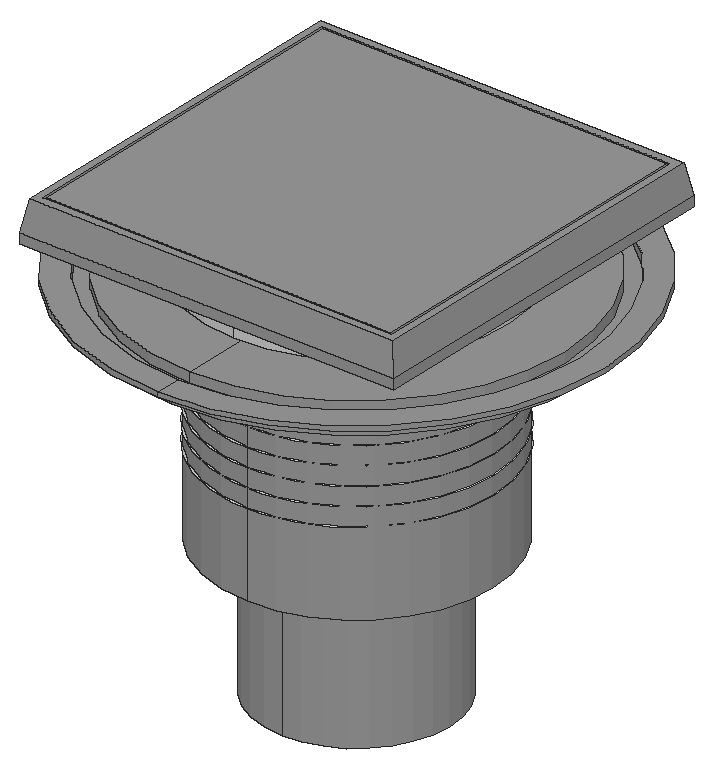
Revit family "_02HL_RU_Floor drain_HL310NG", category Instalační zařizovací předměty, Revit 2021
Family settings
  Kóta kulaté spojky = Použít průměr
  Typ dílu = Normální
  Číslo OmniClass = 23.70.50.21.24.14
  Nadpis OmniClass = Deck Waste Water Drains
  Založené na pracovní rovině = Ne
  Vždy vertikální = Ano
  Ořezat dutým tvarem při načtení = Ne
  Sdílené = Ano
  Bod výpočtu místnosti = Ano
Parameters (values of type "HL310NG")
  РЕШЁТКА = "137 x 137 mm / GJL"
  РАЗМЕР = "DN50/75/110"
  ПРОПУСКНАЯ СПОСОБНОСТЬ = 0.67 L/s
  ПРОИЗВОДИТЕЛЬНОСТЬ = "0,67 l/s"
  ПРАВОВАЯ ИНФОРМАЦИЯ = "Авторские права(©), права на дизайн или какие либо другие права интелектуальной собственности являются исключительной собственностью компании HL Hutterer & Lechner. Изменению не подлежит. Файл семейства с данными о прозводителе изделия защищен паролем с водяным знаком."  # constant formula
  Нормы = "EN 1253-1"
  НОМИНАЛЬНЫЙ ДИАМЕТР [instance] = 110 mm
  НАСАДКА = "35-75 mm / 150 x 150 mm / GJL"
  МАТЕРИАЛ = "PP"
  МАКСИМАЛЬНАЯ НАГРУЗКА КЛАССА = "A/L15 - 1,5 t"
  ВЫСОТА МОНТАЖА = "186 mm"
  ВЕС = "2,40 [kg]"
  EAN = "9003076004652"
  Výchozí výška = 0 mm
  Přípoj ventilace = no
  Výrobce = "HL Hutterer & Lechner GmbH"  # constant formula
  URL = "http://www.hutterer-lechner.com/ru/Products/catalog/floor-drains/attachments/HL310NG.aspx"
  Přípoj odpadních dílů = yes
  Přípoj HW = no
  Popis = "Трап для внутренних помещений"
  Model = "HL310NG"
  Komentáře k typům = "HL310NG Трап для внутренних помещений DN50/75/110 вертикальный 150х150мм/137х137мм чугун."
  Keynote = "HL310NG"
  Высота монтажа [instance] = 183 mm
  DN_Test [instance] = if(or(НОМИНАЛЬНЫЙ ДИАМЕТР = 50 mm, НОМИНАЛЬНЫЙ ДИАМЕТР = 75 mm, НОМИНАЛЬНЫЙ ДИАМЕТР = 110 mm), 30 mm, 0 mm)  # 30 mm
  Přípoj CW = no
  B [instance] = if(НОМИНАЛЬНЫЙ ДИАМЕТР = 110 mm, Высота монтажа - 56 mm, Высота монтажа)  # 127 mm
  A [instance] = if(B - 100 mm > 15 mm, B - 100 mm, 15 mm)  # 27 mm
Reference planes
  plane 1 "Center (Front/Back)": y = 0
  plane 2: z = 0
  plane 3 "Center (Left/Right)": x = 0
  plane 4 "Ball Joint Vertical": x = 0
  plane 5: z = -183
  plane 6: z = -127
Lines and regions (mm)
  model lines, style "InvisibleLines"
    curve 1: line (0, 0, 0) -> (0, 0, 1000)
  reference lines, not visible
    curve 2: line (0, 0, -55) -> (0, 0, -127)
  model lines, detail levels coarse+medium
    curve 3: line (0, 0, -127) -> (0, 0, -100)
    curve 4: line (0, 0, -100) -> (100, 0, 0)
    curve 5: line (0, 0, -100) -> (-100, 0, 0)
  symbolic lines, detail levels coarse+medium
    curve 6: line (-75, 75, 0) -> (75, 75, 0)
    curve 7: line (-75, -75, 0) -> (-75, 75, 0)
    curve 8: line (75, -75, 0) -> (-75, -75, 0)
    curve 9: line (75, 75, 0) -> (75, -75, 0)
    curve 10: line (75, 75, 0) -> (145.711, 145.711, 0)
    curve 11: line (75, -75, 0) -> (145.711, -145.711, 0)
    curve 12: line (-75, 75, 0) -> (-145.711, 145.711, 0)
    curve 13: line (-75, -75, 0) -> (-145.711, -145.711, 0)
  symbolic lines, not visible, detail levels coarse+medium
    curve 14: line (-75, 75, 0) -> (75, 75, 0)
    curve 15: line (-75, -75, 0) -> (-75, 75, 0)
    curve 16: line (75, -75, 0) -> (-75, -75, 0)
    curve 17: line (75, 75, 0) -> (75, -75, 0)
    curve 18: line (75, 75, 0) -> (145.711, 145.711, 0)
    curve 19: line (75, -75, 0) -> (145.711, -145.711, 0)
    curve 20: line (-75, 75, 0) -> (-145.711, 145.711, 0)
    curve 21: line (-75, -75, 0) -> (-145.711, -145.711, 0)
  symbolic lines, style "InvisibleLines", not visible
    curve 22: line (0, 0, 0) -> (0, 0, -30)
Text (mm)
  text "FLOOR" at (-198.233, 0, -16.862), in view "вид строительства"
Dimensions and locks
  plane 3 "Center (Left/Right)" to nested 1 = 0 mm
  "Высота монтажа": plane 2 to plane 5
  "A": curve 5 to plane 6
  "B": curve 5 to plane 6
  "B": curve 4 to plane 6
  "B": plane 2 to plane 6
  "DN_Test": curve 22 to curve 22
  plane 2 to nested 1 = 32 mm
  locked: curve 4 to plane 3 "Center (Left/Right)" (angle 45.00°)
  locked: plane 3 "Center (Left/Right)" to curve 5 (angle 45.00°)
  aligned and locked: level to plane 2
  aligned and locked: plane 2 to curve 1
  aligned and locked: plane 3 "Center (Left/Right)" to curve 1
  aligned and locked: plane 3 "Center (Left/Right)" to curve 3
  aligned and locked: plane 3 "Center (Left/Right)" to curve 5
  aligned and locked: plane 6 to curve 2
  aligned and locked: plane 2 to nested 4
  aligned and locked: plane 2 to nested 3
  aligned and locked: plane 6 to curve 3
  aligned and locked: curve 2 to plane 3 "Center (Left/Right)"
  aligned and locked: plane 5 to nested 1  (x2)
Automatic sketch dimensions
  curve 2 to level = 55 mm
  level to curve 1 = 1000 mm
Nested families
  nested 1: "HL-Корпус для трапа внутренних помещений-HL310K" at (0, 0, -32), type "HL310K_Main Component"
  nested 2: "HL-Вкладыш сифона-HL0510.7E" at (0, 0, -25.8), type "HL0510.7E_Main Component"
  nested 3: "HL-Решётка-HL037G.1E" at (0, 0, 0), type "HL037G.1E_Main Component"
  nested 4: "HL-Насадная деталь-HL037G.2E" at (0, 0, 0), type "HL037G.2E_Main Component"
    with Высота монтажа 75 mm, RN 9, RL 58.5 mm, R yes, NL_Test yes, NL 95 mm
Connectors
  piping at (0, 0, -127), diameter 110, driven by "ПРОПУСКНАЯ СПОСОБНОСТЬ", driven by "НОМИНАЛЬНЫЙ ДИАМЕТР"
    settings: on curve 2, index 1, connector inside diameter 609.6 mm, connector length 0 mm, flow factor 0, pipe flow 0.67 L/s, pressure drop 0.0 Pa, fitting loss kfactor 0, connector angle 0.00°, fixture units 0, engagement length 0 mm, angle of deflection 0.00°, flow configuration 1, flow direction 2, fitting loss method 0, system type 16, joint type 0, gender type 0, connector reference index -1, connector utility 0, adjustable connector no, is connector primary yes, connector description ""
Definition of nested family "HL-Корпус для трапа внутренних помещений-HL310K"
  Parameters (values of type "HL310K")
    РАЗМЕР = "DN50/75/110"
    ПРАВОВАЯ ИНФОРМАЦИЯ = "Авторские права(©), права на дизайн или какие либо другие права интелектуальной собственности являются исключительной собственностью компании HL Hutterer & Lechner. Изменению не подлежит. Файл семейства с данными о прозводителе изделия защищен паролем с водяным знаком."  # constant formula
    МАТЕРИАЛ = "PP"
    ВЫСОТА МОНТАЖА = "148 mm"
    ВЕС = "0,173 [kg]"
    Waste Connection = yes
    Default Elevation = 0 mm
    Vent Connection = no
    Manufacturer = "HL Hutterer & Lechner GmbH"  # constant formula
    URL = "https://www.hutterer-lechner.com/ru/products/catalog/Floor-drains/vertical/flange/HL310K.aspx"
    Assembly Code = ""
    HW Connection = no
    Description = "Трап для внутренних помещений"
    Model = "HL310K"
    Type Comments = "Корпус трапа для внутренних помещений DN50/75/110 вертикальный"
    Keynote = "HL310K"
    EAN = "9003076001781"
    CW Connection = no
  Reference planes
    plane 1 "Center (Front/Back)": y = 0
    plane 2: z = 0
    plane 3 "Center (Left/Right)": x = 0
    plane 4 "Ball Joint Vertical": x = 25.45
  Forms (mm)
    Revolve 1, solid, detail levels fine
      sketch origin (0, 0, 0) x (0, 1, 0) y (0, 0, 1)
        loop
          line (55.057, 0) -> (55.057, -20) -> (52.707, -20) -> (52.707, -92.996) -> (22.706, -92.996) -> (22.706, -95.159) -> (22.706, -151) -> (24.707, -151) -> (24.707, -95.159) -> (35.206, -95.159) -> (35.206, -151) -> (37.207, -151) -> (37.207, -95) -> (54.705, -95) -> (54.705, -24) -> (58.059, -24) -> (58.059, -7.5) -> (92.707, -7.5) -> (92.707, -2) -> (99.706, -2) -> (99.706, 0) -> (89.707, 0) -> (89.707, -4) -> (83.707, -4) -> (83.707, 0) -> (55.057, 0)
        axis (0, 0) -> (0, -151)
      angle from 0 to 360
  Text (mm)
    text "ROOF/FLOOR" at (-198.233, 0, -26.556), in view "вид строительства"
  Dimensions and locks
    locked: plane 4 "Ball Joint Vertical" to plane 3 "Center (Left/Right)" at 25.45
    aligned and locked: level to plane 2
Definition of nested family "HL-Вкладыш сифона-HL0510.7E"
  Parameters
    ПРАВОВАЯ ИНФОРМАЦИЯ = "Авторские права(©), права на дизайн или какие либо другие права интелектуальной собственности являются исключительной собственностью компании HL Hutterer & Lechner. Изменению не подлежит. Файл семейства с данными о прозводителе изделия защищен паролем с водяным знаком."  # constant formula
    МАТЕРИАЛ = "PP"
    ВЕС = "0,08 [kg]"
    Waste Connection = yes
    Default Elevation = 0 mm
    Vent Connection = no
    Manufacturer = "HL Hutterer & Lechner GmbH"  # constant formula
    URL = "http://www.hutterer-lechner.com/ru/products/catalog/floor-drains/attachments/HL0510.7e.aspx"
    HW Connection = no
    Description = "Трапы для внутренних помещений - Комплектующие"
    Model = "HL0510.7E"
    Type Comments = "HL0510.7E Вкладыш запахозапирающий комплектный"
    Keynote = "HL0510.7E"
    EAN = "9003076051076"
    CW Connection = no
  Reference planes
    plane 1 "Center (Front/Back)": y = 0
    plane 2: z = 0
    plane 3 "Center (Left/Right)": x = 0
    plane 4 "Ball Joint Vertical": x = 25.45
  Forms (mm)
    Revolve 1, solid, detail levels fine
      sketch origin (0, 0, 0) x (0, 1, 0) y (0, 0, 1)
        loop
          line (20, -68.2) -> (20, -11) -> (18.2, -11) -> (18.2, -70) -> (45, -70) -> (45, -36) -> (48.834, -36) -> (48.834, -14) -> (49.7, -14) -> (49.7, -2) -> (53, -2) -> (53, 0) -> (45, 0) -> (45, -29.222) -> (43.93, -33.62) -> (43.13, -33.62) -> (43.13, -68.2) -> (20, -68.2)
        loop
          line (36.103, -61) -> (36.103, 0) -> (0, 0) -> (0, -1.8) -> (34.307, -1.8) -> (34.307, -61) -> (36.103, -61)
        axis (0, 0) -> (0, -70)
      angle from 0 to 360
    Extrusion 2, solid, detail levels fine
      sketch origin (0, 0, 0) x (1, 0, 0) y (0, 1, 0)
        loop
          line (-24.1, 5.7) -> (-24.1, -5.7) -> (-4, -5.7) -> (-4, -23) -> (4, -23) -> (4, -5.7) -> (24.1, -5.7) -> (24.1, 5.7) -> (4, 5.7) -> (4, 23) -> (-4, 23) -> (-4, 5.7) -> (-24.1, 5.7)
      from -82.5 to -81
    Extrusion 3, solid, detail levels fine
      sketch origin (0, 0, 0) x (1, 0, 0) y (0, 1, 0)
        loop
          line (-24.1, 5.7) -> (-24.1, -5.7) -> (-18.9, -5.7) -> (-18.9, 5.7) -> (-24.1, 5.7)
        loop
          line (18.9, 5.7) -> (18.9, -5.7) -> (24.1, -5.7) -> (24.1, 5.7) -> (18.9, 5.7)
      from -81 to -70
    Revolve 4, solid, detail levels fine
      sketch origin (0, 0, 0) x (0, 1, 0) y (0, 0, 1)
        loop
          arc (49.7, -10.914) -> (51.118, -9) -> (49.7, -7.086) r 2
          line (49.7, -7.086) -> (49.7, -10.914)
        axis (0, -7.086) -> (0, -10.914)
      angle from 0 to 360
  Cuts and joins
    joined: Revolve 1, Extrusion 2, Extrusion 3
  Text (mm)
    text "ROOF/FLOOR" at (-198.233, 0, -26.556), in view "Drain Construction View"
  Dimensions and locks
    locked: plane 4 "Ball Joint Vertical" to plane 3 "Center (Left/Right)" at 25.45
    aligned and locked: level to plane 2
Definition of nested family "HL-Решётка-HL037G.1E"
  Parameters (values of type "HL037G.1E")
    РАЗМЕР = "137x137mm"
    ПРАВОВАЯ ИНФОРМАЦИЯ = "Авторские права(©), права на дизайн или какие либо другие права интелектуальной собственности являются исключительной собственностью компании HL Hutterer & Lechner. Изменению не подлежит. Файл семейства с данными о прозводителе изделия защищен паролем с водяным знаком."  # constant formula
    МАТЕРИАЛ = "Gusseisen"
    МАКСИМАЛЬНАЯ НАГРУЗКА КЛАССА = "A/L15 - 1,5 t"
    ВЕС = "0,91 [kg]"
    Waste Connection = yes
    Default Elevation = 0 mm
    Vent Connection = no
    Manufacturer = "HL Hutterer & Lechner GmbH"  # constant formula
    URL = "http://www.hutterer-lechner.com/ru/Products/catalog/floor-drains/attachments/HL037G.1E.aspx"
    HW Connection = no
    Description = "Трапы для внутренних помещений - Комплектующие"
    Model = "HL037G.1E"
    Type Comments = "HL037G.1E Чугунные решетки для сливных отверстий 137х137мм"
    Keynote = "HL037G.1E"
    EAN = "9003076009046"
    CW Connection = no
  Reference planes
    plane 1 "Center (Front/Back)": y = 0
    plane 2: z = 0
    plane 3 "Center (Left/Right)": x = 0
    plane 4 "Ball Joint Vertical": x = 25.45
  Forms (mm)
    Extrusion 1, solid, detail levels fine
      sketch origin (0, 0, 0) x (1, 0, 0) y (0, 1, 0)
        loop
          line (-69, 69) -> (-69, -69) -> (69, -69) -> (69, 69) -> (-69, 69)
      from 0 to -8
  Lines and regions (mm)
    model lines, detail levels fine
      curve 1: line (-8.15, 4.25, 0) -> (-8.15, -4.25, 0)
      curve 2: line (-6.4, 1.625, 0) -> (-6.4, 4.25, 0)
      curve 3: line (-2.65, 0.875, 0) -> (-5.65, 0.875, 0)
      curve 4: line (-5.65, -0.875, 0) -> (-2.65, -0.875, 0)
      curve 5: line (-6.4, -4.25, 0) -> (-6.4, -1.625, 0)
      curve 6: line (-0.15, -4.25, 0) -> (-0.15, 4.25, 0)
      curve 7: line (1.65, 4.25, 0) -> (1.65, -4.25, 0)
      curve 8: line (3.4, -2.5, 0) -> (3.4, 4.25, 0)
      curve 9: line (7.4, -3.25, 0) -> (4.15, -3.25, 0)
      curve 10: line (2.4, -5, 0) -> (7.4, -5, 0)
      curve 11: arc (-8.15, -4.25, 0) -> (-7.275, -5.125, 0) -> (-6.4, -4.25, 0) r 0.875
      curve 12: arc (-8.15, 4.25, 0) -> (-7.275, 5.125, 0) -> (-6.4, 4.25, 0) r 0.875
      curve 13: arc (-6.4, 1.625, 0) -> (-6.18, 1.095, 0) -> (-5.65, 0.875, 0) r 0.75
      curve 14: arc (-5.65, -0.875, 0) -> (-6.18, -1.095, 0) -> (-6.4, -1.625, 0) r 0.75
      curve 15: arc (-2.65, -0.875, 0) -> (-2.12, -1.095, 0) -> (-1.9, -1.625, 0) r 0.75
      curve 16: arc (-2.65, 0.875, 0) -> (-2.12, 1.095, 0) -> (-1.9, 1.625, 0) r 0.75
      curve 17: arc (-1.9, 4.25, 0) -> (-1.025, 5.125, 0) -> (-0.15, 4.25, 0) r 0.875
      curve 18: arc (1.65, 4.25, 0) -> (2.525, 5.125, 0) -> (3.4, 4.25, 0) r 0.875
      curve 19: arc (7.4, -3.25, 0) -> (8.275, -4.125, 0) -> (7.4, -5, 0) r 0.875
      curve 20: arc (4.15, -3.25, 0) -> (3.62, -3.03, 0) -> (3.4, -2.5, 0) r 0.75
      curve 21: arc (1.65, -4.25, 0) -> (1.87, -4.78, 0) -> (2.4, -5, 0) r 0.75
      curve 22: arc (-1.9, -4.25, 0) -> (-1.025, -5.125, 0) -> (-0.15, -4.25, 0) r 0.875
      curve 23: line (-1.9, -1.625, 0) -> (-1.9, -4.25, 0)
      curve 24: line (-1.9, 1.625, 0) -> (-1.9, 4.25, 0)
      curve 25: line (-10.607, 16.263, 0) -> (-28.989, 34.646, 0)
      curve 26: line (-34.646, 28.989, 0) -> (-16.263, 10.607, 0)
      curve 27: line (-21.211, 38.181, 0) -> (-12.021, 28.991, 0)
      curve 28: line (-6.364, 34.648, 0) -> (-15.554, 43.838, 0)
      curve 29: line (-28.991, 12.021, 0) -> (-38.181, 21.211, 0)
      curve 30: line (-43.838, 15.554, 0) -> (-34.648, 6.364, 0)
      curve 31: arc (-43.838, 15.554, 0) -> (-43.838, 21.211, 0) -> (-38.181, 21.211, 0) r 4
      curve 32: arc (-28.991, 12.021, 0) -> (-28.991, 6.364, 0) -> (-34.648, 6.364, 0) r 4
      curve 33: arc (-34.646, 28.989, 0) -> (-34.646, 34.646, 0) -> (-28.989, 34.646, 0) r 4
      curve 34: arc (-16.263, 10.607, 0) -> (-10.607, 10.607, 0) -> (-10.607, 16.263, 0) r 4
      curve 35: arc (-12.021, 28.991, 0) -> (-6.364, 28.991, 0) -> (-6.364, 34.648, 0) r 4
      curve 36: arc (-21.211, 38.181, 0) -> (-21.211, 43.838, 0) -> (-15.554, 43.838, 0) r 4
      curve 37: line (16.263, 10.607, 0) -> (34.646, 28.989, 0)
      curve 38: line (28.989, 34.646, 0) -> (10.607, 16.263, 0)
      curve 39: line (38.181, 21.211, 0) -> (28.991, 12.021, 0)
      curve 40: line (34.648, 6.364, 0) -> (43.838, 15.554, 0)
      curve 41: line (12.021, 28.991, 0) -> (21.211, 38.181, 0)
      curve 42: line (15.554, 43.838, 0) -> (6.364, 34.648, 0)
      curve 43: arc (15.554, 43.838, 0) -> (21.211, 43.838, 0) -> (21.211, 38.181, 0) r 4
      curve 44: arc (12.021, 28.991, 0) -> (6.364, 28.991, 0) -> (6.364, 34.648, 0) r 4
      curve 45: arc (28.989, 34.646, 0) -> (34.646, 34.646, 0) -> (34.646, 28.989, 0) r 4
      curve 46: arc (10.607, 16.263, 0) -> (10.607, 10.607, 0) -> (16.263, 10.607, 0) r 4
      curve 47: arc (28.991, 12.021, 0) -> (28.991, 6.364, 0) -> (34.648, 6.364, 0) r 4
      curve 48: arc (38.181, 21.211, 0) -> (43.838, 21.211, 0) -> (43.838, 15.554, 0) r 4
      curve 49: line (-10.607, -16.263, 0) -> (-28.989, -34.646, 0)
      curve 50: line (-34.646, -28.989, 0) -> (-16.263, -10.607, 0)
      curve 51: line (-21.211, -38.181, 0) -> (-12.021, -28.991, 0)
      curve 52: line (-6.364, -34.648, 0) -> (-15.554, -43.838, 0)
      curve 53: line (-28.991, -12.021, 0) -> (-38.181, -21.211, 0)
      curve 54: line (-43.838, -15.554, 0) -> (-34.648, -6.364, 0)
      curve 55: arc (-43.838, -15.554, 0) -> (-43.838, -21.211, 0) -> (-38.181, -21.211, 0) r 4
      curve 56: arc (-28.991, -12.021, 0) -> (-28.991, -6.364, 0) -> (-34.648, -6.364, 0) r 4
      curve 57: arc (-34.646, -28.989, 0) -> (-34.646, -34.646, 0) -> (-28.989, -34.646, 0) r 4
      curve 58: arc (-16.263, -10.607, 0) -> (-10.607, -10.607, 0) -> (-10.607, -16.263, 0) r 4
      curve 59: arc (-12.021, -28.991, 0) -> (-6.364, -28.991, 0) -> (-6.364, -34.648, 0) r 4
      curve 60: arc (-21.211, -38.181, 0) -> (-21.211, -43.838, 0) -> (-15.554, -43.838, 0) r 4
      curve 61: line (16.263, -10.607, 0) -> (34.646, -28.989, 0)
      curve 62: line (28.989, -34.646, 0) -> (10.607, -16.263, 0)
      curve 63: line (38.181, -21.211, 0) -> (28.991, -12.021, 0)
      curve 64: line (34.648, -6.364, 0) -> (43.838, -15.554, 0)
      curve 65: line (12.021, -28.991, 0) -> (21.211, -38.181, 0)
      curve 66: line (15.554, -43.838, 0) -> (6.364, -34.648, 0)
      curve 67: arc (15.554, -43.838, 0) -> (21.211, -43.838, 0) -> (21.211, -38.181, 0) r 4
      curve 68: arc (12.021, -28.991, 0) -> (6.364, -28.991, 0) -> (6.364, -34.648, 0) r 4
      curve 69: arc (28.989, -34.646, 0) -> (34.646, -34.646, 0) -> (34.646, -28.989, 0) r 4
      curve 70: arc (10.607, -16.263, 0) -> (10.607, -10.607, 0) -> (16.263, -10.607, 0) r 4
      curve 71: arc (28.991, -12.021, 0) -> (28.991, -6.364, 0) -> (34.648, -6.364, 0) r 4
      curve 72: arc (38.181, -21.211, 0) -> (43.838, -21.211, 0) -> (43.838, -15.554, 0) r 4
    model lines
      curve 73: line (0, 0, 0) -> (0, 0, 100)
  Text (mm)
    text "ROOF/FLOOR" at (-198.233, 0, -26.556), in view "Drain Construction View"
  Dimensions and locks
    locked: plane 4 "Ball Joint Vertical" to plane 3 "Center (Left/Right)" at 25.45
    aligned and locked: level to plane 2
Definition of nested family "HL-Насадная деталь-HL037G.2E"
  Parameters (values of type "HL037G.2E")
    РАЗМЕР = "d 110 mm"
    ПРАВОВАЯ ИНФОРМАЦИЯ = "Авторские права(©), права на дизайн или какие либо другие права интелектуальной собственности являются исключительной собственностью компании HL Hutterer & Lechner. Изменению не подлежит. Файл семейства с данными о прозводителе изделия защищен паролем с водяным знаком."  # constant formula
    НАСАДКА = "150x150mm"
    МАКСИМАЛЬНАЯ НАГРУЗКА КЛАССА = "A/L15 - 1,5 t"
    Высота монтажа [instance] = 75 mm
    ВЕС = "2,03 [kg]"
    Waste Connection = yes
    Default Elevation = 0 mm
    Vent Connection = no
    RD = 6.5 mm  # constant formula
    R [instance] = ((Высота монтажа - NL_Min) / RD - 1) > 2  # yes
    RL [instance] = RD * RN  # 58.5 mm
    NL_Test [instance] = and(or(Высота монтажа < NL_Max, Высота монтажа = NL_Max), or(Высота монтажа > NL_Min, Высота монтажа = NL_Min))  # yes
    NL_Min = 30 mm
    NL_Max = 95 mm
    NL [instance] = if(NL_Test, Высота монтажа + 20 mm, 0 mm)  # 95 mm
    RN [instance] = if((Высота монтажа + 20 mm - NL_Min) / RD - 1 < 2, 2, (Высота монтажа + 20 mm - NL_Min) / RD - 1)  # 9
    Manufacturer = "HL Hutterer & Lechner GmbH"  # constant formula
    URL = "http://www.hutterer-lechner.com/ru/Products/catalog/floor-drains/attachments/HL037G.2E.aspx"
    HW Connection = no
    Description = "Трапы для внутренних помещений - Комплектующие"
    Model = "HL037G.2E"
    Type Comments = "HL037G.2E Подрамники d 110 мм из чугуна 150х150 мм"
    Keynote = "HL037G.2E"
    EAN = "9003076025404"
    CW Connection = no
  Reference planes
    plane 1 "Center (Front/Back)": y = 0
    plane 2: z = 0
    plane 3 "Center (Left/Right)": x = 0
    plane 4 "Ball Joint Vertical": x = 25.45
    plane 5: z = -95
  Forms (mm)
    Extrusion 1, solid, detail levels fine
      sketch origin (0, 0, 0) x (1, 0, 0) y (0, 1, 0)
        loop
          line (-75, 75) -> (-75, -75) -> (75, -75) -> (75, 75) -> (-75, 75)
        loop
          circle (0, 0) r 50.15
      from -12 to -16
    Sweep 2, solid, detail levels fine
      path in 3D
        loop
          line (-75, 75, -12) -> (-75, -75, -12) -> (75, -75, -12) -> (75, 75, -12) -> (-75, 75, -12)
      profile origin (0, 75, -12) x (0, -1, 0) y (0, 0, 1)
        loop
          line (2.116, 12) -> (0, 0) -> (15, 0) -> (15, 4) -> (5, 4) -> (5, 12) -> (2.116, 12)
    Extrusion 3, solid, detail levels fine
      sketch origin (0, 0, 0) x (1, 0, 0) y (0, 1, 0)
        loop
          line (-60, 60) -> (-60, -60) -> (60, -60) -> (60, 60) -> (-60, 60)
        loop
          circle (0, 0) r 50.5
      from -8 to -12
    Revolve 4, solid, detail levels fine
      sketch origin (0, 0, 0) x (0, 1, 0) y (0, 0, 1)
        loop
          line (64.5, -16) -> (62.224, -16) -> (59.8, -18.424) -> (59.8, -27.8) -> (50.15, -27.8) -> (50.15, -29.5) -> (50.15, -95) -> (51.85, -95) -> (51.85, -29.5) -> (61.5, -29.5) -> (61.5, -19) -> (64.5, -16)
        axis (0, -16) -> (0, -95)
      angle from 0 to 360
  Cuts and joins
    joined: Extrusion 1, Sweep 2, Extrusion 3
  Lines and regions (mm)
    symbolic lines
      curve 1: line (0, 0, -95) -> (0, 0, 0)
    sketch lines
      curve 2: line (75, 75, -12) -> (-75, 75, -12)
      curve 3: line (75, -75, -12) -> (75, 75, -12)
      curve 4: line (-75, -75, -12) -> (75, -75, -12)
      curve 5: line (-75, 75, -12) -> (-75, -75, -12)
  Text (mm)
    text "ROOF/FLOOR" at (-198.233, 0, -26.556), in view "Drain Construction View"
  Dimensions and locks
    locked: plane 4 "Ball Joint Vertical" to plane 3 "Center (Left/Right)" at 25.45
    "NL": plane 2 to plane 5
    equal spacing: group 1, group 3, group 4, group 5, group 6, group 7, group 8, group 9, group 2  (x3)
    "RL": nested 2 to nested 1
    locked: nested 1 to plane 5 at 1.516
    aligned and locked: level to plane 2
    aligned and locked: plane 3 "Center (Left/Right)" to nested 1
    aligned and locked: plane 1 "Center (Front/Back)" to nested 1
    aligned and locked: plane 2 to curve 1
    aligned and locked: plane 5 to curve 1
    aligned and locked: plane 5 to Revolve 4
  Automatic sketch dimensions
    curve 1 to plane 4 "Ball Joint Vertical" = 25.45 mm
    Extrusion 1 sketch curve to Extrusion 1 sketch curve = 0 mm  (x2)
    plane 1 "Center (Front/Back)" to Extrusion 1 sketch curve = 0 mm
    Extrusion 1 sketch curve to plane 3 "Center (Left/Right)" = 0 mm
    Extrusion 1 sketch curve to plane 3 "Center (Left/Right)" = 75 mm
    plane 4 "Ball Joint Vertical" to Extrusion 1 sketch curve = 49.55 mm
    plane 1 "Center (Front/Back)" to Extrusion 1 sketch curve = 75 mm
    Extrusion 1 sketch curve to plane 1 "Center (Front/Back)" = 75 mm
    plane 1 "Center (Front/Back)" to Extrusion 1 sketch curve = 5.198 mm
    Extrusion 1 sketch curve to plane 3 "Center (Left/Right)" = 49.88 mm
    Extrusion 1 sketch curve to plane 1 "Center (Front/Back)" = 5.198 mm
    Sweep 2 sketch curve to profile plane = 0 mm  (x2)
    Sweep 2 sketch curve to profile plane = 2.116 mm
    Sweep 2 sketch curve to Sweep 2 sketch curve = 2.884 mm
    profile plane to Sweep 2 sketch curve = 4 mm
    Sweep 2 sketch curve to Sweep 2 sketch curve = 10 mm
    Sweep 2 sketch curve to Sweep 2 sketch curve = 8 mm
    Extrusion 3 sketch curve to Extrusion 3 sketch curve = 0 mm  (x2)
    plane 1 "Center (Front/Back)" to Extrusion 3 sketch curve = 0 mm
    Extrusion 3 sketch curve to plane 3 "Center (Left/Right)" = 0 mm
    Extrusion 3 sketch curve to plane 3 "Center (Left/Right)" = 60 mm
    plane 4 "Ball Joint Vertical" to Extrusion 3 sketch curve = 34.55 mm
    plane 1 "Center (Front/Back)" to Extrusion 3 sketch curve = 60 mm
    Extrusion 3 sketch curve to plane 1 "Center (Front/Back)" = 60 mm
    Extrusion 3 sketch curve to plane 1 "Center (Front/Back)" = 5.234 mm
    Extrusion 3 sketch curve to plane 3 "Center (Left/Right)" = 50.228 mm
    plane 1 "Center (Front/Back)" to Extrusion 3 sketch curve = 5.234 mm
    Revolve 4 sketch curve to plane 1 "Center (Front/Back)" = 0 mm
    Revolve 4 sketch curve to plane 1 "Center (Front/Back)" = 50.15 mm
    Revolve 4 sketch curve to Revolve 4 sketch curve = 1.7 mm  (x3)
    Revolve 4 sketch curve to Revolve 4 sketch curve = 7.95 mm
    Revolve 4 sketch curve to level = 16 mm
    Revolve 4 sketch curve to Revolve 4 sketch curve = 0.724 mm
    Revolve 4 sketch curve to Revolve 4 sketch curve = 2.276 mm
    Revolve 4 sketch curve to Revolve 4 sketch curve = 2.424 mm
    Revolve 4 sketch curve to Revolve 4 sketch curve = 0.576 mm
    Revolve 4 sketch curve to Revolve 4 sketch curve = 9.376 mm
    Revolve 4 sketch curve to Revolve 4 sketch curve = 0 mm
    Revolve 4 sketch curve to plane 5 = 0 mm
    Revolve 4 sketch curve to plane 5 = 60 mm
    level to Revolve 4 sketch curve = 50 mm
  Nested families
    nested 1: "Ring" at (0, 0, -93.484), visible <- "R", type "Ring"
    nested 2: "Ring" at (0, 0, -34.984), visible <- "R", type "Ring"
    nested 3: "Ring" at (0, 0, -86.171), visible <- "R", type "Ring"
    nested 4: "Ring" at (0, 0, -78.859), visible <- "R", type "Ring"
    nested 5: "Ring" at (0, 0, -71.546), visible <- "R", type "Ring"
    nested 6: "Ring" at (0, 0, -64.234), visible <- "R", type "Ring"
    nested 7: "Ring" at (0, 0, -56.921), visible <- "R", type "Ring"
    nested 8: "Ring" at (0, 0, -49.609), visible <- "R", type "Ring"
    nested 9: "Ring" at (0, 0, -42.296), visible <- "R", type "Ring"
  Definition of nested family "Ring"
    Parameters (values of type "Ring")
      Manufacturer = ""
      Default Elevation = 0 mm
      URL = ""
      R = D / 2  # 51.5 mm
      Description = ""
      Model = ""
      Material = none
      Type Comments = ""
      D = 103 mm
      Cost = 0
    Reference planes
      plane 1 "Střed (vpředu/vzadu)": y = 0
      plane 2: z = 0
      plane 3 "Střed (vlevo/vpravo)": x = 0
    Forms (mm)
      Revolve 1, solid, material <- "Material", detail levels fine
        sketch origin (0, 0, 0) x (1, 0, 0) y (0, 0, 1)
          loop
            line (-51.5, 1.482) -> (-54.764, 0) -> (-51.5, -1.516) -> (-51.5, 1.482)
          axis (0, 1.482) -> (0, -1.516)
        angle from 0 to 360
    Dimensions and locks
      "R": Revolve 1 sketch curve to plane 3 "Střed (vlevo/vpravo)"
      aligned and locked: level to plane 2
      aligned and locked: Revolve 1 sketch curve to plane 3 "Střed (vlevo/vpravo)"
    Automatic sketch dimensions
      Revolve 1 sketch curve to level = 0 mm
      Revolve 1 sketch curve to Revolve 1 sketch curve = 3.264 mm
      Revolve 1 sketch curve to level = 1.516 mm
      level to Revolve 1 sketch curve = 1.482 mm
      Revolve 1 sketch curve to level = 381 mm
      Revolve 1 sketch curve to Revolve 1 sketch curve = 2212.833 mm
